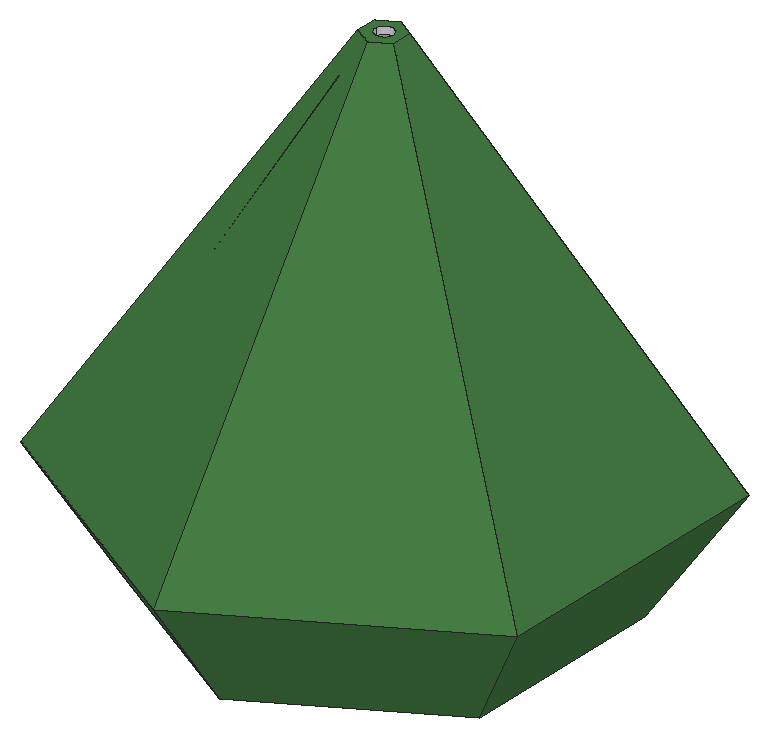
Revit family "DMD10 SHADE", category Lighting Fixtures, Revit 2024
Family settings
  Round Connector Dimension = Use Diameter
  Part Type = Normal
  OmniClass Number = 23.80.70.00
  OmniClass Title = Lighting
  Work Plane-Based = No
  Always vertical = Yes
  Cut with Voids When Loaded = No
  Light Source = Yes
  Maintain Annotation Orientation = No
  Shared = No
  Room Calculation Point = No
Parameters
  Wattage = 9.2903 W
  built-in parameter 1150110 = 1 (stored number, unit not read)
  built-in parameter 1114217 = 1 (stored number, unit not read)
  built-in parameter 1150109 = 1 (stored number, unit not read)
  built-in parameter 1150134 = 3
  built-in parameter 1150113 = 1 (stored number, unit not read)
  built-in parameter 1150105 = 439.27 (stored number, unit not read)
  Lumens = 1380 lm
  built-in parameter 1150115 = 1 (stored number, unit not read)
  Light Source Symbol Size = 2' - 0"
  built-in parameter 1150137 = (empty or 0)
  built-in parameter 1150139 = (empty or 0)
  built-in parameter 1150112 = 1 (stored number, unit not read)
  built-in parameter 1150114 = 1 (stored number, unit not read)
  built-in parameter 1150132 = (empty or 0)
  built-in parameter 1150102 = (empty or 0)
  built-in parameter 1150107 = 3200 (stored number, unit not read)
  built-in parameter 1150138 = (empty or 0)
  built-in parameter 1150106 = 4.3927 (stored number, unit not read)
  built-in parameter 1150104 = 13.8 (stored number, unit not read)
  Dimming Lamp Color Temperature Shift = (empty or 0)
  Default Elevation = 0' - 0"
  Color Filter = 16777215
  built-in parameter 1114218 = 1 (stored number, unit not read)
  built-in parameter 1150133 = 10 (stored number, unit not read)
Reference planes (in)
  plane 1 "Light Source Axis (F/B)": y = 0
  plane 2: z = 0
  plane 3 "Light Source Axis (L/R)": x = 0
  plane 4 "Light Source Elevation": z = 84
Forms (in)
  Blend 1, solid
    base sketch origin (0, 0, 0) x (1, 0, 0) y (0, 1, 0)
      loop
        line (5, 2.88675) -> (0, 5.7735) -> (-5, 2.88675) -> (-5, -2.88675) -> (0, -5.7735) -> (5, -2.88675) -> (5, 2.88675)
    top sketch origin (0, 0, 0) x (1, 0, 0) y (0, 1, 0)
      loop
        line (7, 4.04145) -> (0, 8.0829) -> (-7, 4.04145) -> (-7, -4.04145) -> (0, -8.0829) -> (7, -4.04145) -> (7, 4.04145)
    from 84 to 87.25
  Blend 2, solid
    base sketch origin (0, 0, 0) x (1, 0, 0) y (0, 1, 0)
      loop
        line (7, 4.04145) -> (0, 8.0829) -> (-7, 4.04145) -> (-7, -4.04145) -> (0, -8.0829) -> (7, -4.04145) -> (7, 4.04145)
    top sketch origin (0, 0, 0) x (1, 0, 0) y (0, 1, 0)
      loop
        line (0.5, 0.28868) -> (0, 0.57735) -> (-0.5, 0.28868) -> (-0.5, -0.28868) -> (0, -0.57735) -> (0.5, -0.28868) -> (0.5, 0.28868)
    from 87.25 to 98.25
  Revolve 3, void
    sketch origin (0, 0, 0) x (1, 0, 0) y (0, 0, 1)
      loop
        line (-0.39301, 98.0625) -> (-6.78105, 87.25196) -> (-4.77984, 84) -> (0, 84) -> (0, 98.48064) -> (-0.25, 98.48064) -> (-0.25, 98.0625) -> (-0.39301, 98.0625)
      axis (0, 98.48064) -> (0, 84)
    angle from 0 to 360
  Extrusion 4, void
    sketch origin (0, 0, 0) x (1, 0, 0) y (0, 0, 1)
      loop
        line (-4.77984, 84) -> (-3.3782, 84) -> (-3.3782, 85) -> (-5.39523, 85) -> (-4.77984, 84)
    from -2.72112 to 2.71271
  Extrusion 5, void
    sketch origin (0, 0, 0) x (0.5, 0.866025, 0) y (0, 0, 1)
      loop
        line (-4.77984, 84) -> (-3.3782, 84) -> (-3.3782, 85) -> (-5.39523, 85) -> (-4.77984, 84)
    from -2.72112 to 2.71271
  Extrusion 6, void
    sketch origin (0, 0, 0) x (-0.5, 0.866025, 0) y (0, 0, 1)
      loop
        line (-4.77984, 84) -> (-3.3782, 84) -> (-3.3782, 85) -> (-5.39523, 85) -> (-4.77984, 84)
    from -2.72112 to 2.71271
  Extrusion 7, void
    sketch origin (0, 0, 0) x (-1, 0, 0) y (0, 0, 1)
      loop
        line (-4.77984, 84) -> (-3.3782, 84) -> (-3.3782, 85) -> (-5.39523, 85) -> (-4.77984, 84)
    from -2.72112 to 2.71271
  Extrusion 8, void
    sketch origin (0, 0, 0) x (-0.5, -0.866025, 0) y (0, 0, 1)
      loop
        line (-4.77984, 84) -> (-3.3782, 84) -> (-3.3782, 85) -> (-5.39523, 85) -> (-4.77984, 84)
    from -2.72112 to 2.71271
  Extrusion 9, void
    sketch origin (0, 0, 0) x (0.5, -0.866025, 0) y (0, 0, 1)
      loop
        line (-4.77984, 84) -> (-3.3782, 84) -> (-3.3782, 85) -> (-5.39523, 85) -> (-4.77984, 84)
    from -2.72112 to 2.71271
Cuts and joins
  Revolve 3, Extrusion 4, Extrusion 5, Extrusion 6, Extrusion 7, Extrusion 8, Extrusion 9 cuts Blend 1
  Revolve 3, Extrusion 4, Extrusion 5, Extrusion 6, Extrusion 7, Extrusion 8, Extrusion 9 cuts Blend 2
  joined: Blend 1, Blend 2
Lines and regions (in)
  reference lines
    curve 1: line (0, 0.39301, 0) -> (0, -0.39301, 0)
Dimensions and locks (in)
  aligned and locked: level to plane 2
